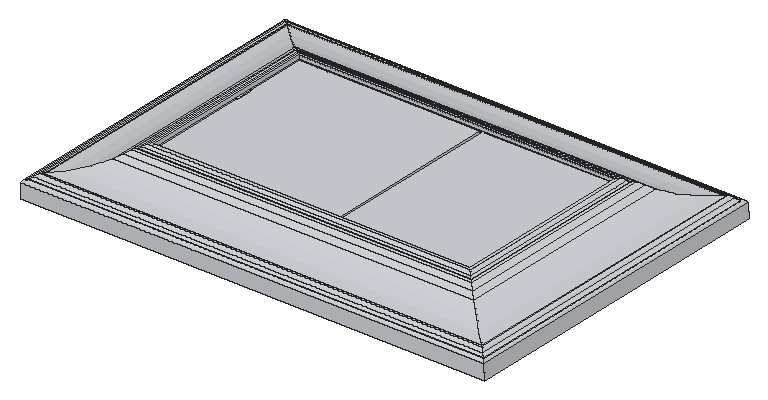
Revit family "Accessory-Flush_Actuator_Plate-KOHLER-Memoirs-K-77271", category Specialty Equipment, host Face, Revit 2017
Family settings
  Host = Face
  Round Connector Dimension = Use Diameter
  Part Type = Normal
  OmniClass Number = 23.31.25.00
  Cut with Voids When Loaded = No
  Shared = No
  Room Calculation Point = No
Parameters (values of type "CP-Polished Chrome")
  Width = 8 55/64"  # constant formula
  WaterSense Certified = 1 = 0  # no
  URL = "https://www.us.kohler.com/us/"
  Type = 1
  Product Page URL = "http://www.us.kohler.com/us/catalog/productDetails.jsp?productId=77271-CP"
  Product Name = "Memoirs"  # constant formula
  Product Documentation Link = "https://www.us.kohler.com/webassets/kpna/catalog/pdf/en/K-77271_spec_US-CA_Kohler_en.pdf"
  Model = if(Type = 1, "K-77271-CP", if(Type = 2, "K-77271-0", if(Type = 3, "K-77271-96", if(Type = 4, "K-77271-7", "NA"))))  # "K-77271-CP"
  Material = "Plastic"  # constant formula
  Master Format 2014 Name = "Toilet, Bath, and Laundry Accessories"  # constant formula
  Master Format 2014 = "10 28 00"  # constant formula
  Manufacturer Address = "444 Highland Dr, Kohler, WI 53044"  # constant formula
  Manufacturer = "KOHLER Co."  # constant formula
  Length = 207/256"  # constant formula
  Height = 6 77/256"  # constant formula
  Finish = Kohler-Metal-CP-Polished_Chrome
  Environmental Product Declaration = ""
  Description = "Flush actuator plate"  # constant formula
  Default Elevation = 42"
  Declare Label = ""
  Date Modified = "02/02/2021"  # constant formula
  Date Created = "02/02/2021"  # constant formula
  Copyright = "Copyright KOHLER Co."  # constant formula
  Contact Us = "https://www.us.kohler.com/us/static/contact.jsp"
  Assembly Code = "C1030200"
  ADA Compliant = 1 = 0  # no
Types (5): name | Type | Product Page URL | Model | Finish
  (no name) | 1 | "http://www.us.kohler.com/us/catalog/productDetails.jsp?productId=77271-CP" | "K-77271-CP" | Kohler-Metal-CP-Polished_Chrome
  CP-Polished Chrome | 1 | "http://www.us.kohler.com/us/catalog/productDetails.jsp?productId=77271-CP" | "K-77271-CP" | Kohler-Metal-CP-Polished_Chrome
  0-White | 2 | "http://www.us.kohler.com/us/catalog/productDetails.jsp?productId=77271-0" | "K-77271-0" | Kohler-Plastic-0-White
  96-Biscuit | 3 | "http://www.us.kohler.com/us/catalog/productDetails.jsp?productId=77271-96" | "K-77271-96" | Kohler-Plastic-96-Biscuit
  7-Black Black | 4 | "http://www.us.kohler.com/us/catalog/productDetails.jsp?productId=77271-7" | "K-77271-7" | Kohler-Plastic-7-Black_Black
Reference planes (in)
  plane 1 "Center (Front/Back)": y = 0
  plane 2: z = 0
  plane 3 "Center (Left/Right)": x = 0
  plane 4: z = 0.8085937
  plane 5: y = 3.1495992
  plane 6: y = -3.151182
  plane 7: x = -4.4291268
  plane 8: x = 4.4302482
Dimensions and locks (in)
  "Width": plane 7 to plane 8
  "Height": plane 6 to plane 5
  "Length": plane 4 to level
  aligned and locked: plane 2 to host face
  aligned and locked: level to host face
Automatic sketch dimensions
  host sketch curve to host sketch curve = 96"  (x2)
Nested families (in)
  nested 1: "K-77271" at (0, 0, 0), type "K-77271"
Definition of nested family "K-77271"
  Parameters (values of type "K-77271")
    Material = none
  Reference planes (in)
    plane 1 "Center (Front/Back)": y = 0
    plane 2: z = 0
    plane 3 "Center (Left/Right)": x = 0
    plane 4: y = 3.1495992
    plane 5: y = -3.1495992
    plane 6: z = 0.8089968
    plane 7: x = -4.4291268
    plane 8: x = 4.4291268
  Forms (in)
    Sweep 1, solid, material <- "Material", detail levels medium+fine
      path origin (0, 0, 0) x (1, 0, 0) y (0, 1, 0)
        loop
          line (4.4291268, 3.1495992) -> (-4.4291268, 3.1495992) -> (-4.4291268, -3.1495992) -> (4.4291268, -3.1495992) -> (4.4291268, 3.1495992)
      profile origin (0, 3.1495992, 0) x (0, -1, 0) y (0, 0, 1)
        loop
          line (0, 0) -> (0.1101602, 0) -> (0.1101602, 0.3343667) -> (0.0776767, 0.3343667)
          arc (0.0776767, 0.3343667) -> (0.0331185, 0.3163353) -> (0.0048431, 0.2774629) r 0.0873638
          line (0.0048431, 0.2774629) -> (0, 0)
    Sweep 2, solid, material <- "Material", detail levels medium+fine
      path origin (0, 0, 0) x (1, 0, 0) y (0, 1, 0)
        loop
          line (4.3764551, 3.0719225) -> (-4.3514501, 3.0719225) -> (-4.3514501, -3.0969275) -> (4.3764551, -3.0969275) -> (4.3764551, 3.0719225)
      profile origin (4.3764551, -0.0125025, 0) x (1, 0, 0) y (0, 0, 1)
        loop
          line (-0.1551341, 0.4174605) -> (-0.1889074, 0.4174605) -> (-0.1889074, 0.3197241) -> (0.0047473, 0.3197241)
          arc (0.0047473, 0.3197241) -> (-0.0092429, 0.3288456) -> (-0.025005, 0.3343667) r 0.0695105
          arc (-0.025005, 0.3343667) -> (-0.0577226, 0.3490536) -> (-0.0818509, 0.375586) r 0.0879002
          arc (-0.0818509, 0.375586) -> (-0.1129325, 0.4062536) -> (-0.1551341, 0.4174605) r 0.0850627
    Sweep 3, solid, material <- "Material", detail levels medium+fine
      path origin (0, 0, 0) x (1, 0, 0) y (0, 1, 0)
        loop
          line (3.2430903, 1.9635627) -> (-3.2430903, 1.9635627) -> (-3.2430903, -1.9635627) -> (3.2430903, -1.9635627) -> (3.2430903, 1.9635627)
      profile origin (3.2430903, 0, 0) x (1, 0, 0) y (0, 0, 1)
        loop
          line (-0.0465326, 0.7462218) -> (-0.0810531, 0.7462218) -> (-0.0810531, 0.4171138) -> (0.9444118, 0.4171138)
          arc (0.9444118, 0.4171138) -> (0.565724, 0.4662069) -> (0.2095336, 0.6038406) r 1.5961489
          arc (0.2095336, 0.6038406) -> (0.1483075, 0.6372775) -> (0.0878473, 0.6720803) r 3.1077708
          arc (0.0878473, 0.6720803) -> (0.0426523, 0.6993386) -> (-0.0001642, 0.7301988) r 0.6453445
          arc (-0.0001642, 0.7301988) -> (-0.0220032, 0.7421031) -> (-0.0465326, 0.7462218) r 0.0751036
    Sweep 4, solid, material <- "Material", detail levels medium+fine
      path origin (0, 0, 0) x (1, 0, 0) y (0, 1, 0)
        loop
          line (3.0172448, 1.7377172) -> (-3.0172448, 1.7377172) -> (-3.0172448, -1.7377172) -> (3.0172448, -1.7377172) -> (3.0172448, 1.7377172)
      profile origin (0, 1.7377172, 0) x (0, -1, 0) y (0, 0, 1)
        loop
          arc (-0.0480795, 0.8090818) -> (-0.0883965, 0.7988394) -> (-0.1189363, 0.7705959) r 0.0844706
          arc (-0.1189363, 0.7705959) -> (-0.1419888, 0.7488568) -> (-0.1724585, 0.7401617) r 0.0669095
          line (-0.1724585, 0.7401617) -> (-0.0001498, 0.7401617) -> (-0.0001498, 0.8090818) -> (-0.0480795, 0.8090818)
    Extrusion 5, solid, material <- "Material", detail levels medium+fine
      sketch origin (0, 0, 0) x (1, 0, 0) y (0, 1, 0)
        loop
          line (2.977816, -1.6856019) -> (2.977816, 1.686528)
          arc (2.977816, 1.686528) -> (2.9719849, 1.7006056) -> (2.9579073, 1.7064367) r 0.0199087
          line (2.9579073, 1.7064367) -> (0.5390619, 1.7064367)
          arc (0.5390619, 1.7064367) -> (0.5243111, 1.7003267) -> (0.5182011, 1.6855759) r 0.0208609
          line (0.5182011, 1.6855759) -> (0.5182011, -1.686678)
          arc (0.5182011, -1.686678) -> (0.5239882, -1.7006495) -> (0.5379598, -1.7064367) r 0.0197587
          line (0.5379598, -1.7064367) -> (2.9569812, -1.7064367)
          arc (2.9569812, -1.7064367) -> (2.9717136, -1.7003344) -> (2.977816, -1.6856019) r 0.0208349
      from 0.0905512 to 0.7460951
    Extrusion 6, solid, material <- "Material", detail levels medium+fine
      sketch origin (0, 0, 0) x (1, 0, 0) y (0, 1, 0)
        loop
          arc (-2.9570369, 1.7066929) -> (-2.9719527, 1.7005146) -> (-2.978131, 1.6855988) r 0.0210941
          line (-2.978131, 1.6855988) -> (-2.978131, -1.6868205)
          arc (-2.978131, -1.6868205) -> (-2.9723105, -1.7008724) -> (-2.9582586, -1.7066929) r 0.0198724
          line (-2.9582586, -1.7066929) -> (0.4439366, -1.7066929)
          arc (0.4439366, -1.7066929) -> (0.4578251, -1.7009401) -> (0.4635779, -1.6870516) r 0.0196413
          line (0.4635779, -1.6870516) -> (0.4635779, 1.6867491)
          arc (0.4635779, 1.6867491) -> (0.4577365, 1.7008515) -> (0.4436341, 1.7066929) r 0.0199438
          line (0.4436341, 1.7066929) -> (-2.9570369, 1.7066929)
      from 0.0905512 to 0.7401617
    Extrusion 7, solid, material <- "Material", detail levels medium+fine
      sketch origin (0, 0, 0) x (1, 0, 0) y (0, 1, 0)
        loop
          line (2.9123004, 1.706413) -> (2.9123004, 1.7378671) -> (2.6400803, 1.7378671) -> (2.6400803, 1.706413) -> (2.9123004, 1.706413)
        loop
          line (2.1636777, 1.7064367) -> (2.4370079, 1.7064367) -> (2.4370079, 1.7378671) -> (2.1636777, 1.7378671) -> (2.1636777, 1.7064367)
        loop
          line (0.6840551, 1.7378671) -> (0.6840551, 1.7070305) -> (0.8802183, 1.7070305) -> (0.8802183, 1.7378671) -> (0.6840551, 1.7378671)
        loop
          line (0.3004724, 1.7066929) -> (0.3004724, 1.7378671) -> (0.103622, 1.7378671) -> (0.103622, 1.7066929) -> (0.3004724, 1.7066929)
        loop
          line (-2.1636777, 1.7378671) -> (-2.4370079, 1.7378671) -> (-2.4370079, 1.7066929) -> (-2.1636777, 1.7066929) -> (-2.1636777, 1.7378671)
        loop
          line (-2.6390556, 1.7066929) -> (-2.6390556, 1.7378671) -> (-2.9128989, 1.7378671) -> (-2.9128989, 1.7066929) -> (-2.6390556, 1.7066929)
        loop
          line (2.9123004, -1.706413) -> (2.6400803, -1.706413) -> (2.6400803, -1.7378671) -> (2.9123004, -1.7378671) -> (2.9123004, -1.706413)
        loop
          line (2.1636777, -1.7064367) -> (2.1636777, -1.7378671) -> (2.4370079, -1.7378671) -> (2.4370079, -1.7064367) -> (2.1636777, -1.7064367)
        loop
          line (0.6840551, -1.7378671) -> (0.8802183, -1.7378671) -> (0.8802183, -1.7070305) -> (0.6840551, -1.7070305) -> (0.6840551, -1.7378671)
        loop
          line (0.3004724, -1.7066929) -> (0.103622, -1.7066929) -> (0.103622, -1.7378671) -> (0.3004724, -1.7378671) -> (0.3004724, -1.7066929)
        loop
          line (-2.1636777, -1.7378671) -> (-2.1636777, -1.7066929) -> (-2.4370079, -1.7066929) -> (-2.4370079, -1.7378671) -> (-2.1636777, -1.7378671)
        loop
          line (-2.6390556, -1.7066929) -> (-2.9128989, -1.7066929) -> (-2.9128989, -1.7378671) -> (-2.6390556, -1.7378671) -> (-2.6390556, -1.7066929)
      from 0.5137212 to 0.7302152
    Extrusion 8, solid, material <- "Material", detail levels medium+fine
      sketch origin (0, 0, 0) x (1, 0, 0) y (0, 1, 0)
        loop
          line (-2.978131, 0.5708661) -> (-3.0173946, 0.5708661) -> (-3.0173946, 0.2165354) -> (-2.978131, 0.2165354) -> (-2.978131, 0.5708661)
        loop
          line (2.978131, 0.5708661) -> (2.978131, 0.2165354) -> (3.0173946, 0.2165354) -> (3.0173946, 0.5708661) -> (2.978131, 0.5708661)
      from 0.27781 to 0.7460951
    Extrusion 9, solid, material <- "Material", detail levels coarse
      sketch origin (0, 0, 0) x (1, 0, 0) y (0, 1, 0)
        loop
          line (4.4242836, 3.1447561) -> (-4.4242836, 3.1447561) -> (-4.4242836, -3.1495992) -> (4.4242836, -3.1495992) -> (4.4242836, 3.1447561)
      from 0 to 0.8090818
  Lines and regions (in)
    Masking region 1
      outline origin (0, 0, 0) x (0, 1, 0) y (0, 0, 1)
        loop
          line (-3.1495992, 0) -> (3.1495992, 0) -> (3.1447561, 0.2774629)
          arc (3.1447561, 0.2774629) -> (3.1071807, 0.3226806) -> (3.0494583, 0.333847) r 0.0873638
          arc (3.0494583, 0.333847) -> (3.0152553, 0.3483001) -> (2.9900716, 0.375586) r 0.0879002
          arc (2.9900716, 0.375586) -> (2.9555684, 0.4081062) -> (2.9090167, 0.4171047) r 0.0850627
          arc (2.9090167, 0.4171047) -> (2.5297918, 0.4660787) -> (2.1730963, 0.6038406) r 1.5961489
          arc (2.1730963, 0.6038406) -> (2.1118702, 0.6372775) -> (2.05141, 0.6720803) r 3.1077708
          arc (2.05141, 0.6720803) -> (2.005946, 0.6995163) -> (1.9628916, 0.7305971) r 0.6453445
          spline (1.9628916, 0.7305971) -> (1.9593077, 0.7331016) -> (1.9556595, 0.7353974) -> (1.9519529, 0.7374806) -> (1.9481943, 0.7393475) -> (1.9443901, 0.7409952) -> (1.9405467, 0.7424207) -> (1.9366706, 0.7436217) -> (1.9327684, 0.7445961) -> (1.9288466, 0.7453423) -> (1.924912, 0.745859) -> (1.9209711, 0.7461454) -> (1.9170307, 0.7462009)
          line (1.9170307, 0.7462009) -> (1.884844, 0.7462218)
          arc (1.884844, 0.7462218) -> (1.8682958, 0.7570398) -> (1.8556314, 0.7722215) r 0.0669095
          spline (1.8556314, 0.7722215) -> (1.8507835, 0.7781378) -> (1.8456794, 0.7835958) -> (1.8403411, 0.788572) -> (1.8347917, 0.793045) -> (1.829055, 0.7969954) -> (1.8231558, 0.8004064) -> (1.8171194, 0.8032631) -> (1.8109718, 0.8055532) -> (1.8047396, 0.807267) -> (1.7984495, 0.8083971) -> (1.7921288, 0.8089384) -> (1.7858045, 0.8088889)
          line (1.7858045, 0.8088889) -> (-1.7857967, 0.8090818)
          spline (-1.7857967, 0.8090818) -> (-1.7921288, 0.8089384) -> (-1.7984495, 0.8083971) -> (-1.8047396, 0.807267) -> (-1.8109718, 0.8055532) -> (-1.8171194, 0.8032631) -> (-1.8231558, 0.8004064) -> (-1.829055, 0.7969954) -> (-1.8347917, 0.793045) -> (-1.8403411, 0.788572) -> (-1.8456794, 0.7835958) -> (-1.8507835, 0.7781378) -> (-1.8556314, 0.7722215)
          arc (-1.8556314, 0.7722215) -> (-1.8682958, 0.7570398) -> (-1.884844, 0.7462218) r 0.0669095
          line (-1.884844, 0.7462218) -> (-1.9170301, 0.7462218)
          spline (-1.9170301, 0.7462218) -> (-1.9209711, 0.7461454) -> (-1.924912, 0.745859) -> (-1.9288466, 0.7453423) -> (-1.9327684, 0.7445961) -> (-1.9366706, 0.7436217) -> (-1.9405467, 0.7424207) -> (-1.9443901, 0.7409952) -> (-1.9481943, 0.7393475) -> (-1.9519529, 0.7374806) -> (-1.9556595, 0.7353974) -> (-1.9593077, 0.7331016) -> (-1.9628916, 0.7305971)
          arc (-1.9628916, 0.7305971) -> (-2.005946, 0.6995163) -> (-2.05141, 0.6720803) r 0.6453445
          arc (-2.05141, 0.6720803) -> (-2.1118702, 0.6372775) -> (-2.1730963, 0.6038406) r 3.1077708
          arc (-2.1730963, 0.6038406) -> (-2.5416375, 0.463121) -> (-2.9334354, 0.4170873) r 1.5961489
          arc (-2.9334354, 0.4170873) -> (-2.9800908, 0.4081491) -> (-3.0146779, 0.375586) r 0.0850627
          arc (-3.0146779, 0.375586) -> (-3.038666, 0.3491555) -> (-3.0711853, 0.3344418) r 0.0879002
          arc (-3.0711853, 0.3344418) -> (-3.1161882, 0.3165628) -> (-3.1447561, 0.2774629) r 0.0873638
          line (-3.1447561, 0.2774629) -> (-3.1495992, 0)
    Masking region 2
      outline origin (0, 0, 0) x (1, 0, 0) y (0, 0, 1)
        loop
          line (-4.4291268, 0) -> (4.4291268, 0) -> (4.4242679, 0.2783644)
          spline (4.4242679, 0.2783644) -> (4.4201611, 0.2863216) -> (4.4156287, 0.2937999) -> (4.4106988, 0.3007526) -> (4.4054021, 0.3071365) -> (4.3997715, 0.3129121) -> (4.393842, 0.3180433) -> (4.3876505, 0.3224983) -> (4.3812355, 0.3262494) -> (4.3746369, 0.3292732) -> (4.3678956, 0.3315509) -> (4.3610536, 0.3330685) -> (4.3541535, 0.3338164)
          arc (4.3541535, 0.3338164) -> (4.3198556, 0.3482526) -> (4.2946043, 0.375586) r 0.0879002
          arc (4.2946043, 0.375586) -> (4.2660886, 0.404727) -> (4.227288, 0.4172509) r 0.0850627
          arc (4.227288, 0.4172509) -> (3.8281252, 0.4614281) -> (3.4526239, 0.6038406) r 1.5961489
          arc (3.4526239, 0.6038406) -> (3.3913977, 0.6372775) -> (3.3309375, 0.6720803) r 3.1077708
          arc (3.3309375, 0.6720803) -> (3.2854736, 0.6995163) -> (3.2424191, 0.7305971) r 0.6453445
          spline (3.2424191, 0.7305971) -> (3.2388353, 0.7331016) -> (3.235187, 0.7353974) -> (3.2314804, 0.7374806) -> (3.2277219, 0.7393475) -> (3.2239177, 0.7409952) -> (3.2200743, 0.7424207) -> (3.2161982, 0.7436217) -> (3.2122959, 0.7445961) -> (3.2083742, 0.7453423) -> (3.2044395, 0.745859) -> (3.2004987, 0.7461454) -> (3.1965583, 0.7462009)
          line (3.1965583, 0.7462009) -> (3.164417, 0.7462009)
          arc (3.164417, 0.7462009) -> (3.147842, 0.7570232) -> (3.135159, 0.7722215) r 0.0669095
          spline (3.135159, 0.7722215) -> (3.130311, 0.7781378) -> (3.1252069, 0.7835958) -> (3.1198687, 0.788572) -> (3.1143193, 0.793045) -> (3.1085826, 0.7969954) -> (3.1026833, 0.8004064) -> (3.0966469, 0.8032631) -> (3.0904994, 0.8055532) -> (3.0842671, 0.807267) -> (3.0779771, 0.8083971) -> (3.0716563, 0.8089384) -> (3.065332, 0.8088889)
          line (3.065332, 0.8088889) -> (-3.0653243, 0.8090818)
          spline (-3.0653243, 0.8090818) -> (-3.0716563, 0.8089384) -> (-3.0779771, 0.8083971) -> (-3.0842671, 0.807267) -> (-3.0904994, 0.8055532) -> (-3.0966469, 0.8032631) -> (-3.1026833, 0.8004064) -> (-3.1085826, 0.7969954) -> (-3.1143193, 0.793045) -> (-3.1198687, 0.788572) -> (-3.1252069, 0.7835958) -> (-3.130311, 0.7781378) -> (-3.135159, 0.7722215)
          arc (-3.135159, 0.7722215) -> (-3.147842, 0.7570232) -> (-3.164417, 0.7462009) r 0.0669095
          line (-3.164417, 0.7462009) -> (-3.1965583, 0.7462009)
          spline (-3.1965583, 0.7462009) -> (-3.2004987, 0.7461454) -> (-3.2044395, 0.745859) -> (-3.2083742, 0.7453423) -> (-3.2122959, 0.7445961) -> (-3.2161982, 0.7436217) -> (-3.2200743, 0.7424207) -> (-3.2239177, 0.7409952) -> (-3.2277219, 0.7393475) -> (-3.2314804, 0.7374806) -> (-3.235187, 0.7353974) -> (-3.2388353, 0.7331016) -> (-3.2424191, 0.7305971)
          arc (-3.2424191, 0.7305971) -> (-3.2854736, 0.6995163) -> (-3.3309375, 0.6720803) r 0.6453445
          arc (-3.3309375, 0.6720803) -> (-3.3913977, 0.6372775) -> (-3.4526239, 0.6038406) r 3.1077708
          arc (-3.4526239, 0.6038406) -> (-3.8281252, 0.4614281) -> (-4.227288, 0.4172509) r 1.5961489
          arc (-4.227288, 0.4172509) -> (-4.2660886, 0.404727) -> (-4.2946043, 0.375586) r 0.0850627
          arc (-4.2946043, 0.375586) -> (-4.3198556, 0.3482526) -> (-4.3541535, 0.3338164) r 0.0879002
          spline (-4.3541535, 0.3338164) -> (-4.3610536, 0.3330685) -> (-4.3678956, 0.3315509) -> (-4.3746369, 0.3292732) -> (-4.3812355, 0.3262494) -> (-4.3876505, 0.3224983) -> (-4.393842, 0.3180433) -> (-4.3997715, 0.3129121) -> (-4.4054021, 0.3071365) -> (-4.4106988, 0.3007526) -> (-4.4156287, 0.2937999) -> (-4.4201611, 0.2863216) -> (-4.4242679, 0.2783644)
          line (-4.4242679, 0.2783644) -> (-4.4291268, 0)
    Masking region 3
      outline origin (0, 0, 0) x (1, 0, 0) y (0, 1, 0)
        loop
          line (4.4291268, 3.1495992) -> (-4.4291268, 3.1495992) -> (-4.4291268, -3.1495992) -> (4.4291268, -3.1495992) -> (4.4291268, 3.1495992)
    symbolic lines, detail levels medium+fine
      curve 1: spline (4.4292126, -3.1495992, 0) -> (4.4251833, -3.1456513, 0) -> (4.4205519, -3.1410887, 0) -> (4.4153562, -3.1359488, 0) -> (4.4096389, -3.1302736, 0) -> (4.4034469, -3.1241098, 0) -> (4.3968307, -3.1175078, 0) -> (4.3898448, -3.1105217, 0) -> (4.3825462, -3.1032088, 0) -> (4.3749948, -3.0956289, 0) -> (4.3672526, -3.0878442, 0) -> (4.3593828, -3.0799185, 0) -> (4.3514501, -3.0719168, 0)
      curve 2: line (4.3514501, 3.0719225, 0) -> (4.3514501, -3.0719168, 0)
      curve 3: line (4.3514527, -3.0719225, 0) -> (-4.3514443, -3.0719225, 0)
      curve 4: spline (4.3514527, -3.0719225, 0) -> (4.3460842, -3.066604, 0) -> (4.3407754, -3.0613366, 0) -> (4.3355445, -3.0561381, 0) -> (4.3304094, -3.0510265, 0) -> (4.3253877, -3.0460193, 0) -> (4.3204966, -3.0411335, 0) -> (4.3157529, -3.036386, 0) -> (4.3111728, -3.0317931, 0) -> (4.306772, -3.0273703, 0) -> (4.3025656, -3.023133, 0) -> (4.298568, -3.0190956, 0) -> (4.2947929, -3.015272, 0)
      curve 5: spline (4.2947929, -3.015272, 0) -> (4.2889733, -3.0096227, 0) -> (4.2827384, -3.0035222, 0) -> (4.2761306, -2.9970122, 0) -> (4.269195, -2.990137, 0) -> (4.2619789, -2.9829435, 0) -> (4.2545315, -2.9754808, 0) -> (4.2469037, -2.9677997, 0) -> (4.2391474, -2.9599527, 0) -> (4.2313155, -2.9519933, 0) -> (4.2234614, -2.9439757, 0) -> (4.2156387, -2.9359547, 0) -> (4.2079008, -2.9279848, 0)
      curve 6: spline (4.2079008, -2.9279848, 0) -> (4.1431026, -2.8643514, 0) -> (4.0784509, -2.80066, 0) -> (4.0140037, -2.7369679, 0) -> (3.9498188, -2.6733321, 0) -> (3.8859539, -2.6098099, 0) -> (3.8224662, -2.5464582, 0) -> (3.7594128, -2.4833339, 0) -> (3.6968502, -2.4204936, 0) -> (3.6348346, -2.3579938, 0) -> (3.5734217, -2.2958906, 0) -> (3.5126666, -2.2342396, 0) -> (3.4526239, -2.1730963, 0)
      curve 7: spline (3.4526239, -2.1730963, 0) -> (3.4381056, -2.1585802, 0) -> (3.4236113, -2.1440874, 0) -> (3.4091411, -2.1296182, 0) -> (3.3946953, -2.1151728, 0) -> (3.3802742, -2.1007516, 0) -> (3.3658781, -2.0863547, 0) -> (3.3515072, -2.0719825, 0) -> (3.3371618, -2.0576352, 0) -> (3.3228421, -2.043313, 0) -> (3.3085484, -2.0290163, 0) -> (3.294281, -2.0147453, 0) -> (3.2800401, -2.0005002, 0)
      curve 8: spline (3.2800122, -2.0005324, 0) -> (3.2768826, -1.9974016, 0) -> (3.2737607, -1.994278, 0) -> (3.2706465, -1.9911615, 0) -> (3.2675401, -1.9880524, 0) -> (3.2644415, -1.9849506, 0) -> (3.2613509, -1.9818563, 0) -> (3.2582683, -1.9787694, 0) -> (3.2551937, -1.9756902, 0) -> (3.2521274, -1.9726186, 0) -> (3.2490692, -1.9695547, 0) -> (3.2460193, -1.9664986, 0) -> (3.2429779, -1.9634504, 0)
      curve 9: spline (3.2429779, -1.9634504, 0) -> (3.2390687, -1.9596072, 0) -> (3.2350822, -1.9556736, 0) -> (3.2310261, -1.9516576, 0) -> (3.2269089, -1.9475673, 0) -> (3.2227388, -1.943411, 0) -> (3.2185243, -1.9391972, 0) -> (3.2142738, -1.9349343, 0) -> (3.209996, -1.9306309, 0) -> (3.2056995, -1.9262958, 0) -> (3.201393, -1.9219378, 0) -> (3.1970853, -1.9175655, 0) -> (3.192785, -1.913188, 0)
      curve 10: spline (3.1361834, -1.8566631, 0) -> (3.1280253, -1.8486473, 0) -> (3.1191785, -1.8398983, 0) -> (3.1097497, -1.8305213, 0) -> (3.0998523, -1.8206293, 0) -> (3.0896056, -1.8103415, 0) -> (3.079133, -1.7997817, 0) -> (3.0685605, -1.789077, 0) -> (3.0580154, -1.7783564, 0) -> (3.0476248, -1.767749, 0) -> (3.0375138, -1.7573825, 0) -> (3.0278041, -1.7473817, 0) -> (3.0186127, -1.7378671, 0)
      curve 11: spline (3.192785, -1.913188, 0) -> (3.187558, -1.908067, 0) -> (3.1823459, -1.9029436, 0) -> (3.177173, -1.8978415, 0) -> (3.1720631, -1.8927844, 0) -> (3.1670399, -1.8877955, 0) -> (3.1621267, -1.8828982, 0) -> (3.1573462, -1.878115, 0) -> (3.1527207, -1.8734682, 0) -> (3.1482715, -1.8689792, 0) -> (3.1440193, -1.8646689, 0) -> (3.1399837, -1.8605572, 0) -> (3.1361834, -1.8566631, 0)
      curve 12: line (3.1897033, -1.9101709, 0) -> (3.1897033, 1.9101758, 0)
      curve 13: line (-3.1897033, -1.9101758, 0) -> (3.1897083, -1.9101758, 0)
      curve 14: line (3.1620372, 1.8825096, 0) -> (3.1620372, -1.8825096, 0)
      curve 15: line (3.1620372, -1.8825096, 0) -> (-3.1620372, -1.8825096, 0)
      curve 16: line (3.0173946, 1.7378671, 0) -> (3.0173946, -1.7378671, 0)
      curve 17: line (3.0173946, -1.7378671, 0) -> (-3.0173946, -1.7378671, 0)
      curve 18: line (0.5379598, -1.7064367, 0) -> (2.9569812, -1.7064367, 0)
      curve 19: line (2.977816, -1.6856019, 0) -> (2.977816, 1.686528, 0)
      curve 20: arc (2.9569812, -1.7064367, 0) -> (2.9717136, -1.7003344, 0) -> (2.977816, -1.6856019, 0) r 0.0208349
      curve 21: spline (-4.429043, -3.1495992, 0) -> (-4.420124, -3.1405258, 0) -> (-4.4087358, -3.1290399, 0) -> (-4.3952804, -3.1155469, 0) -> (-4.3802327, -3.1005229, 0) -> (-4.3641236, -3.0844982, 0) -> (-4.3475219, -3.0680384, 0) -> (-4.3310132, -3.0517243, 0) -> (-4.3151804, -3.0361318, 0) -> (-4.3005821, -3.021811, 0) -> (-4.2877336, -3.0092675, 0) -> (-4.2770883, -2.9989439, 0) -> (-4.2690219, -2.9912045, 0)
      curve 22: line (-4.3514501, -3.0719282, 0) -> (-4.3514501, 3.0719168, 0)
      curve 23: line (-4.3189666, -3.039439, 0) -> (-4.3189666, 3.0395038, 0)
      curve 24: spline (-3.4526239, -2.1730963, 0) -> (-3.518724, -2.238016, 0) -> (-3.5854118, -2.3037625, 0) -> (-3.6526173, -2.3702669, 0) -> (-3.7202702, -2.4374594, 0) -> (-3.7882994, -2.5052697, 0) -> (-3.8566338, -2.5736267, 0) -> (-3.9252015, -2.6424586, 0) -> (-3.9939309, -2.7116934, 0) -> (-4.0627497, -2.7812584, 0) -> (-4.131586, -2.8510807, 0) -> (-4.2003674, -2.9210872, 0) -> (-4.2690219, -2.9912045, 0)
      curve 25: line (4.3189666, -3.039439, 0) -> (-4.3189666, -3.039439, 0)
      curve 26: spline (-3.2800283, -2.000513, 0) -> (-3.2942734, -2.0147539, 0) -> (-3.3085443, -2.0290213, 0) -> (-3.322841, -2.0433149, 0) -> (-3.3371631, -2.0576346, 0) -> (-3.3515104, -2.0719799, 0) -> (-3.3658826, -2.0863508, 0) -> (-3.3802794, -2.1007469, 0) -> (-3.3947006, -2.1151679, 0) -> (-3.4091459, -2.1296137, 0) -> (-3.4236151, -2.1440838, 0) -> (-3.4381078, -2.1585781, 0) -> (-3.4526239, -2.1730963, 0)
      curve 27: spline (-3.242978, -1.9634503, 0) -> (-3.2460262, -1.9664918, 0) -> (-3.2490822, -1.9695416, 0) -> (-3.2521461, -1.9725998, 0) -> (-3.2552177, -1.9756662, 0) -> (-3.258297, -1.9787407, 0) -> (-3.2613838, -1.9818233, 0) -> (-3.2644782, -1.984914, 0) -> (-3.2675799, -1.9880125, 0) -> (-3.2706891, -1.9911189, 0) -> (-3.2738055, -1.9942331, 0) -> (-3.2769292, -1.997355, 0) -> (-3.28006, -2.0004846, 0)
      curve 28: spline (-3.1965573, -1.9170307, 0) -> (-3.2006112, -1.9210229, 0) -> (-3.2046543, -1.9250155, 0) -> (-3.2086798, -1.9290015, 0) -> (-3.2126806, -1.932974, 0) -> (-3.2166497, -1.9369261, 0) -> (-3.2205803, -1.9408509, 0) -> (-3.2244655, -1.9447417, 0) -> (-3.2282986, -1.9485916, 0) -> (-3.2320729, -1.952394, 0) -> (-3.2357818, -1.9561422, 0) -> (-3.2394189, -1.9598298, 0) -> (-3.242978, -1.9634503, 0)
      curve 29: line (-3.1897033, 1.9101758, 0) -> (-3.1897033, -1.9101758, 0)
      curve 30: line (-3.1620372, -1.8825096, 0) -> (-3.1620372, 1.8825096, 0)
      curve 31: spline (-3.1361907, -1.8566559, 0) -> (-3.1280785, -1.8484, 0) -> (-3.1192174, -1.8394408, 0) -> (-3.1097164, -1.8298887, 0) -> (-3.0996927, -1.8198615, 0) -> (-3.0892697, -1.8094825, 0) -> (-3.0785758, -1.7988797, 0) -> (-3.0677428, -1.7881837, 0) -> (-3.0569042, -1.7775263, 0) -> (-3.0461933, -1.7670387, 0) -> (-3.0357423, -1.7568502, 0) -> (-3.0256798, -1.7470862, 0) -> (-3.0161298, -1.7378671, 0)
      curve 32: spline (-3.1896999, -1.9101772, 0) -> (-3.1848262, -1.9052119, 0) -> (-3.1799619, -1.900272, 0) -> (-3.1751273, -1.8953781, 0) -> (-3.1703428, -1.8905507, 0) -> (-3.1656284, -1.88581, 0) -> (-3.1610037, -1.8811759, 0) -> (-3.1564883, -1.8766679, 0) -> (-3.152101, -1.8723047, 0) -> (-3.1478601, -1.8681047, 0) -> (-3.1437835, -1.8640855, 0) -> (-3.1398883, -1.8602639, 0) -> (-3.1361907, -1.8566559, 0)
      curve 33: line (-3.0173946, -1.7378671, 0) -> (-3.0173946, 1.7378671, 0)
      curve 34: line (-2.978131, 1.6855988, 0) -> (-2.978131, -1.6868205, 0)
      curve 35: line (-2.9582586, -1.7066929, 0) -> (0.4439366, -1.7066929, 0)
      curve 36: arc (-2.978131, -1.6868205, 0) -> (-2.9723105, -1.7008724, 0) -> (-2.9582586, -1.7066929, 0) r 0.0198724
      curve 37: spline (-4.3385538, 3.0588814, 0) -> (-4.3475271, 3.067955, 0) -> (-4.3565445, 3.077057, 0) -> (-4.3655107, 3.086091, 0) -> (-4.3743308, 3.0949617, 0) -> (-4.3829117, 3.1035753, 0) -> (-4.3911627, 3.1118407, 0) -> (-4.3989965, 3.1196706, 0) -> (-4.4063305, 3.1269822, 0) -> (-4.4130869, 3.1336983, 0) -> (-4.4191946, 3.1397478, 0) -> (-4.4245888, 3.1450669, 0) -> (-4.4292126, 3.1495992, 0)
      curve 38: spline (-4.2697878, 2.9902669, 0) -> (-4.2742902, 2.9948259, 0) -> (-4.279102, 2.999682, 0) -> (-4.2842, 3.0048117, 0) -> (-4.2895598, 3.0101905, 0) -> (-4.2951553, 3.0157923, 0) -> (-4.3009598, 3.0215901, 0) -> (-4.3069452, 3.0275561, 0) -> (-4.3130826, 3.0336615, 0) -> (-4.3193426, 3.0398769, 0) -> (-4.3256949, 3.0461722, 0) -> (-4.3321089, 3.0525172, 0) -> (-4.3385538, 3.0588814, 0)
      curve 39: line (-4.3514558, 3.0719225, 0) -> (4.3514501, 3.0719225, 0)
      curve 40: line (-4.3189012, 3.039439, 0) -> (4.3189666, 3.039439, 0)
      curve 41: spline (-4.1927786, 2.9131525, 0) -> (-4.1997809, 2.9203253, 0) -> (-4.206801, 2.9274879, 0) -> (-4.2138008, 2.9346013, 0) -> (-4.220742, 2.9416268, 0) -> (-4.2275869, 2.9485261, 0) -> (-4.2342982, 2.9552616, 0) -> (-4.2408393, 2.9617966, 0) -> (-4.2471746, 2.9680955, 0) -> (-4.2532695, 2.974124, 0) -> (-4.2590909, 2.9798492, 0) -> (-4.264607, 2.98524, 0) -> (-4.2697878, 2.9902669, 0)
      curve 42: spline (-3.4526239, 2.1730963, 0) -> (-3.5114927, 2.2330463, 0) -> (-3.5710475, 2.2934854, 0) -> (-3.6312369, 2.3543614, 0) -> (-3.6920088, 2.4156219, 0) -> (-3.7533108, 2.477214, 0) -> (-3.8150901, 2.5390845, 0) -> (-3.8772933, 2.6011799, 0) -> (-3.9398667, 2.6634468, 0) -> (-4.0027563, 2.7258314, 0) -> (-4.0659078, 2.7882798, 0) -> (-4.1292668, 2.8507381, 0) -> (-4.1927786, 2.9131525, 0)
      curve 43: spline (-3.2800408, 2.000501, 0) -> (-3.2942816, 2.014746, 0) -> (-3.308549, 2.029017, 0) -> (-3.3228426, 2.0433136, 0) -> (-3.3371623, 2.0576357, 0) -> (-3.3515076, 2.071983, 0) -> (-3.3658785, 2.0863551, 0) -> (-3.3802745, 2.1007519, 0) -> (-3.3946956, 2.1151731, 0) -> (-3.4091413, 2.1296184, 0) -> (-3.4236114, 2.1440875, 0) -> (-3.4381057, 2.1585803, 0) -> (-3.4526239, 2.1730963, 0)
      curve 44: spline (-3.1584782, 1.877773, 0) -> (-3.1651381, 1.8847225, 0) -> (-3.1720043, 1.891847, 0) -> (-3.1790371, 1.8991052, 0) -> (-3.1861957, 1.9064552, 0) -> (-3.1934387, 1.9138543, 0) -> (-3.2007242, 1.9212597, 0) -> (-3.2080098, 1.9286285, 0) -> (-3.2152535, 1.935918, 0) -> (-3.2224132, 1.9430859, 0) -> (-3.2294475, 1.9500908, 0) -> (-3.2363156, 1.9568921, 0) -> (-3.2429779, 1.9634504, 0)
      curve 45: spline (-3.2429779, 1.9634504, 0) -> (-3.2460193, 1.9664986, 0) -> (-3.2490692, 1.9695547, 0) -> (-3.2521274, 1.9726186, 0) -> (-3.2551937, 1.9756902, 0) -> (-3.2582683, 1.9787694, 0) -> (-3.2613509, 1.9818563, 0) -> (-3.2644415, 1.9849506, 0) -> (-3.2675401, 1.9880524, 0) -> (-3.2706465, 1.9911615, 0) -> (-3.2737607, 1.994278, 0) -> (-3.2768826, 1.9974016, 0) -> (-3.2800122, 2.0005324, 0)
      curve 46: spline (-2.9763066, 1.6941801, 0) -> (-2.9783662, 1.6970561, 0) -> (-2.9852548, 1.7047186, 0) -> (-2.9966154, 1.7167709, 0) -> (-3.0118597, 1.7325887, 0) -> (-3.030198, 1.7513526, 0) -> (-3.0506805, 1.7720907, 0) -> (-3.0722463, 1.7937289, 0) -> (-3.0937784, 1.8151465, 0) -> (-3.1141614, 1.835234, 0) -> (-3.1323396, 1.8529509, 0) -> (-3.1473714, 1.8673797, 0) -> (-3.1584782, 1.877773, 0)
      curve 47: line (-3.1897033, 1.9101758, 0) -> (3.1897033, 1.9101758, 0)
      curve 48: line (-3.1620372, 1.8825096, 0) -> (3.1620372, 1.8825096, 0)
      curve 49: line (-3.0173946, 1.7378671, 0) -> (3.0173946, 1.7378671, 0)
      curve 50: arc (-2.9570369, 1.7066929, 0) -> (-2.9719527, 1.7005146, 0) -> (-2.978131, 1.6855988, 0) r 0.0210941
      curve 51: line (0.4436341, 1.7066929, 0) -> (-2.9570369, 1.7066929, 0)
      curve 52: line (-2.9128989, 1.7378671, 0) -> (-2.9128989, 1.7066929, 0)
      curve 53: line (-2.6390556, 1.7066929, 0) -> (-2.6390556, 1.7378671, 0)
      curve 54: line (-2.4370079, 1.7378671, 0) -> (-2.4370079, 1.7066929, 0)
      curve 55: line (-2.1636777, 1.7066929, 0) -> (-2.1636777, 1.7378671, 0)
      curve 56: line (0.103622, 1.7378671, 0) -> (0.103622, 1.7066929, 0)
      curve 57: line (0.3004724, 1.7066929, 0) -> (0.3004724, 1.7378671, 0)
      curve 58: arc (0.4635779, 1.6867491, 0) -> (0.4577365, 1.7008515, 0) -> (0.4436341, 1.7066929, 0) r 0.0199438
      curve 59: line (0.4635779, -1.6870516, 0) -> (0.4635779, 1.6867491, 0)
      curve 60: arc (0.4439366, -1.7066929, 0) -> (0.4578251, -1.7009401, 0) -> (0.4635779, -1.6870516, 0) r 0.0196413
      curve 61: arc (0.5182011, -1.686678, 0) -> (0.5239882, -1.7006495, 0) -> (0.5379598, -1.7064367, 0) r 0.0197587
      curve 62: line (0.5182011, 1.6855759, 0) -> (0.5182011, -1.686678, 0)
      curve 63: line (2.9579073, 1.7064367, 0) -> (0.5390619, 1.7064367, 0)
      curve 64: arc (0.5390619, 1.7064367, 0) -> (0.5243111, 1.7003267, 0) -> (0.5182011, 1.6855759, 0) r 0.0208609
      curve 65: line (0.6840551, 1.7378671, 0) -> (0.6840551, 1.7070305, 0)
      curve 66: line (0.8802183, 1.7070305, 0) -> (0.8802183, 1.7378671, 0)
      curve 67: line (2.1636777, 1.7378671, 0) -> (2.1636777, 1.7064367, 0)
      curve 68: line (2.4370079, 1.7064367, 0) -> (2.4370079, 1.7378671, 0)
      curve 69: line (2.6400803, 1.7378671, 0) -> (2.6400803, 1.706413, 0)
      curve 70: line (2.9123004, 1.706413, 0) -> (2.9123004, 1.7378671, 0)
      curve 71: arc (2.977816, 1.686528, 0) -> (2.9719849, 1.7006056, 0) -> (2.9579073, 1.7064367, 0) r 0.0199087
      curve 72: spline (3.2800281, 2.0005129, 0) -> (3.2942732, 2.0147537, 0) -> (3.3085442, 2.0290211, 0) -> (3.3228409, 2.0433148, 0) -> (3.337163, 2.0576344, 0) -> (3.3515103, 2.0719798, 0) -> (3.3658825, 2.0863507, 0) -> (3.3802793, 2.1007468, 0) -> (3.3947005, 2.1151679, 0) -> (3.4091458, 2.1296136, 0) -> (3.423615, 2.1440838, 0) -> (3.4381078, 2.1585781, 0) -> (3.4526239, 2.1730963, 0)
      curve 73: spline (3.242978, 1.9634503, 0) -> (3.2460262, 1.9664918, 0) -> (3.2490822, 1.9695416, 0) -> (3.2521461, 1.9725998, 0) -> (3.2552177, 1.9756662, 0) -> (3.258297, 1.9787407, 0) -> (3.2613838, 1.9818233, 0) -> (3.2644782, 1.984914, 0) -> (3.2675799, 1.9880125, 0) -> (3.2706891, 1.9911189, 0) -> (3.2738055, 1.9942331, 0) -> (3.2769292, 1.997355, 0) -> (3.28006, 2.0004846, 0)
      curve 74: spline (3.1965573, 1.9170307, 0) -> (3.2006112, 1.9210229, 0) -> (3.2046543, 1.9250155, 0) -> (3.2086798, 1.9290015, 0) -> (3.2126806, 1.932974, 0) -> (3.2166497, 1.9369261, 0) -> (3.2205803, 1.9408509, 0) -> (3.2244655, 1.9447417, 0) -> (3.2282986, 1.9485916, 0) -> (3.2320729, 1.952394, 0) -> (3.2357818, 1.9561422, 0) -> (3.2394189, 1.9598298, 0) -> (3.242978, 1.9634503, 0)
      curve 75: spline (3.1361907, 1.8566559, 0) -> (3.1280785, 1.8484, 0) -> (3.1192174, 1.8394408, 0) -> (3.1097164, 1.8298887, 0) -> (3.0996927, 1.8198615, 0) -> (3.0892697, 1.8094825, 0) -> (3.0785758, 1.7988797, 0) -> (3.0677428, 1.7881837, 0) -> (3.0569042, 1.7775263, 0) -> (3.0461933, 1.7670387, 0) -> (3.0357423, 1.7568502, 0) -> (3.0256798, 1.7470862, 0) -> (3.0161298, 1.7378671, 0)
      curve 76: spline (3.1896999, 1.9101772, 0) -> (3.1848262, 1.9052119, 0) -> (3.1799619, 1.900272, 0) -> (3.1751273, 1.8953781, 0) -> (3.1703428, 1.8905507, 0) -> (3.1656284, 1.88581, 0) -> (3.1610037, 1.8811759, 0) -> (3.1564883, 1.8766679, 0) -> (3.152101, 1.8723047, 0) -> (3.1478601, 1.8681047, 0) -> (3.1437835, 1.8640855, 0) -> (3.1398883, 1.8602639, 0) -> (3.1361907, 1.8566559, 0)
      curve 77: line (-2.978131, 0.5708661, 0) -> (-3.0173946, 0.5708661, 0)
      curve 78: line (-3.0173946, 0.2165354, 0) -> (-2.978131, 0.2165354, 0)
      curve 79: line (3.0173946, 0.5708661, 0) -> (2.978131, 0.5708661, 0)
      curve 80: line (2.978131, 0.2165354, 0) -> (3.0173946, 0.2165354, 0)
      curve 81: line (4.3189666, 3.0423647, 0) -> (4.3189666, -3.039439, 0)
      curve 82: spline (4.429043, 3.1495992, 0) -> (4.4213338, 3.1417513, 0) -> (4.4116791, 3.1320013, 0) -> (4.4003428, 3.1206158, 0) -> (4.3876348, 3.1079059, 0) -> (4.3739024, 3.0942192, 0) -> (4.359521, 3.0799296, 0) -> (4.3448839, 3.0654279, 0) -> (4.330391, 3.0511105, 0) -> (4.3164385, 3.0373686, 0) -> (4.3034078, 3.0245781, 0) -> (4.2916552, 3.0130884, 0) -> (4.2815018, 3.0032137, 0)
      curve 83: line (3.4526239, 2.1730963, 0) -> (4.2815018, 3.0032137, 0)
      curve 84: line (3.1965576, 0, 0.7462218) -> (-3.1965576, 0, 0.7462218)
      curve 85: line (-3.3781981, 0, 0.644722) -> (3.3781981, 0, 0.644722)
      curve 86: line (4.3514501, 0, 0.3343667) -> (-4.3514501, 0, 0.3343667)
      curve 87: line (0, 1.9170301, 0.7462218) -> (0, -1.9170301, 0.7462218)
      curve 88: line (0, -2.2258133, 0.5770547) -> (0, 2.2258133, 0.5770547)
      curve 89: line (0, 3.0719225, 0.3343667) -> (0, -3.0719225, 0.3343667)
      curve 90: line (0, 3.1401305, 0.2866902) -> (0, -3.1416903, 0.2866902)
      curve 91: line (0, -1.9876541, 0.7120656) -> (0, 1.9876541, 0.7120656)
      curve 92: line (0, 2.1600257, 0.6108676) -> (0, -2.1600257, 0.6108676)
      curve 93: line (4.4142531, 0, 0.2959176) -> (-4.4148666, 0, 0.2959176)
      curve 94: line (-3.2723009, 0, 0.7089898) -> (3.2715418, 0, 0.7089898)
      curve 95: line (-3.4411113, 0, 0.6099922) -> (3.4411113, 0, 0.6099922)
  Dimensions and locks (in)
    plane 4 to plane 5 = 6.2992"
    plane 7 to plane 8 = 8.85825"
    aligned and locked: level to plane 2
